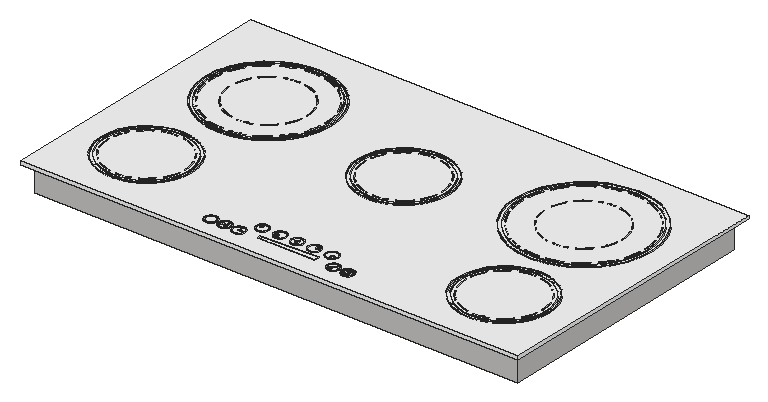
Revit family "QF_Summit_CR5B36TXW_5-Burner Radiant Cooktop", category Specialty Equipment, Revit 2020 (continued)
Forms (in)
  Extrusion 2, solid, material "QF_Plastic_White_Smooth"
    sketch origin (-1.19104, -180, 1.88) x (-1, 0, 0) y (0, -1, 0)
      loop
        line (-34.29842, -171.95371) -> (-34.32775, -171.94291)
        arc (-34.32775, -171.94291) -> (-34.4786, -172.44171) -> (-34.56954, -172.95482) r 4.40804
        line (-34.56954, -172.95482) -> (-34.5385, -172.95844)
        arc (-34.5385, -172.95844) -> (-34.44821, -172.44897) -> (-34.29842, -171.95371) r 4.37679
      loop
        line (-34.14463, -171.51637) -> (-34.1166, -171.53019)
        arc (-34.1166, -171.53019) -> (-33.85007, -171.0642) -> (-33.5285, -170.63435) r 4.37679
        line (-33.5285, -170.63435) -> (-33.55067, -170.61218)
        arc (-33.55067, -170.61218) -> (-33.87549, -171.04598) -> (-34.14463, -171.51637) r 4.40804
      loop
        line (-33.22787, -170.27088) -> (-33.20577, -170.29298)
        arc (-33.20577, -170.29298) -> (-32.80673, -169.9568) -> (-32.37053, -169.67049) r 4.37679
        line (-32.37053, -169.67049) -> (-32.38609, -169.64339)
        arc (-32.38609, -169.64339) -> (-32.82573, -169.93198) -> (-33.22787, -170.27088) r 4.40804
      loop
        line (-31.97301, -169.43426) -> (-31.96038, -169.46284)
        arc (-31.96038, -169.46284) -> (-31.46574, -169.27903) -> (-30.95258, -169.15608) r 4.37679
        line (-30.95258, -169.15608) -> (-30.95802, -169.12531)
        arc (-30.95802, -169.12531) -> (-31.47484, -169.24914) -> (-31.97301, -169.43426) r 4.40804
      loop
        line (-30.51017, -169.06966) -> (-30.51017, -169.101)
        arc (-30.51017, -169.101) -> (-29.96866, -169.09503) -> (-29.43056, -169.15597) r 4.37679
        line (-29.43056, -169.15597) -> (-29.42512, -169.1252)
        arc (-29.42512, -169.1252) -> (-29.96593, -169.06387) -> (-30.51017, -169.06966) r 4.40804
      loop
        line (-28.98266, -169.22703) -> (-28.99123, -169.25709)
        arc (-28.99123, -169.25709) -> (-28.49497, -169.43144) -> (-28.02322, -169.66406) r 4.37679
        line (-28.02322, -169.66406) -> (-28.00774, -169.63691)
        arc (-28.00774, -169.63691) -> (-28.48286, -169.40263) -> (-28.98266, -169.22703) r 4.40804
      loop
        line (-27.61659, -169.88817) -> (-27.63484, -169.91354)
        arc (-27.63484, -169.91354) -> (-27.21679, -170.25541) -> (-26.84402, -170.64617) r 4.37679
        line (-26.84402, -170.64617) -> (-26.82184, -170.62399)
        arc (-26.82184, -170.62399) -> (-27.19653, -170.23158) -> (-27.61659, -169.88817) r 4.40804
      loop
        line (-26.07387, -171.98176) -> (-26.04447, -171.97116)
        arc (-26.04447, -171.97116) -> (-26.26009, -171.47198) -> (-26.53552, -171.00315) r 4.40804
        line (-26.53552, -171.00315) -> (-26.56143, -171.02061)
        arc (-26.56143, -171.02061) -> (-26.28795, -171.48612) -> (-26.07387, -171.98176) r 4.37679
      loop
        line (-27.84942, -174.84724) -> (-27.8225, -174.86311)
        arc (-27.8225, -174.86311) -> (-27.61447, -174.42672) -> (-27.48608, -173.96065) r 2.75
        line (-27.48608, -173.96065) -> (-27.51682, -173.95503)
        arc (-27.51682, -173.95503) -> (-27.64376, -174.41581) -> (-27.84942, -174.84724) r 2.71875
      loop
        line (-27.4778, -173.29661) -> (-27.44649, -173.29661)
        arc (-27.44649, -173.29661) -> (-27.49762, -172.91224) -> (-27.6023, -172.53889) r 2.75
        line (-27.6023, -172.53889) -> (-27.63172, -172.54942)
        arc (-27.63172, -172.54942) -> (-27.52842, -172.91759) -> (-27.4778, -173.29661) r 2.71875
      loop
        line (-28.43483, -171.35015) -> (-28.45479, -171.37419)
        arc (-28.45479, -171.37419) -> (-28.10347, -171.72467) -> (-27.82171, -172.13316) r 2.71875
        line (-27.82171, -172.13316) -> (-27.79448, -172.11784)
        arc (-27.79448, -172.11784) -> (-28.07948, -171.70465) -> (-28.43483, -171.35015) r 2.75
      loop
        line (-29.71864, -170.75707) -> (-29.72401, -170.78785)
        arc (-29.72401, -170.78785) -> (-29.24876, -170.91599) -> (-28.80441, -171.12772) r 2.71875
        line (-28.80441, -171.12772) -> (-28.78847, -171.10084)
        arc (-28.78847, -171.10084) -> (-29.23793, -170.88668) -> (-29.71864, -170.75707) r 2.75
      loop
        line (-31.13091, -170.88167) -> (-31.12024, -170.91104)
        arc (-31.12024, -170.91104) -> (-30.65344, -170.78698) -> (-30.17205, -170.74747) r 2.71875
        line (-30.17205, -170.74747) -> (-30.17205, -170.71622)
        arc (-30.17205, -170.71622) -> (-30.65886, -170.7562) -> (-31.13091, -170.88167) r 2.75
      loop
        line (-32.29968, -171.70063) -> (-32.27749, -171.72282)
        arc (-32.27749, -171.72282) -> (-31.93612, -171.3812) -> (-31.53969, -171.10537) r 2.71875
        line (-31.53969, -171.10537) -> (-31.55519, -171.07823)
        arc (-31.55519, -171.07823) -> (-31.95511, -171.35633) -> (-32.29968, -171.70063) r 2.75
      loop
        line (-32.90442, -173.01756) -> (-32.87359, -173.02266)
        arc (-32.87359, -173.02266) -> (-32.74865, -172.54348) -> (-32.53888, -172.09492) r 2.71875
        line (-32.53888, -172.09492) -> (-32.56586, -172.07916)
        arc (-32.56586, -172.07916) -> (-32.77805, -172.53288) -> (-32.90442, -173.01756) r 2.75
      loop
        line (-32.76418, -174.43702) -> (-32.73494, -174.42599)
        arc (-32.73494, -174.42599) -> (-32.86588, -173.95399) -> (-32.91001, -173.46615) r 2.71875
        line (-32.91001, -173.46615) -> (-32.94126, -173.46615)
        arc (-32.94126, -173.46615) -> (-32.89662, -173.95959) -> (-32.76418, -174.43702) r 2.75
      loop
        line (-31.91687, -175.60736) -> (-31.89726, -175.58302)
        arc (-31.89726, -175.58302) -> (-32.26827, -175.22046) -> (-32.56367, -174.79404) r 2.71875
        line (-32.56367, -174.79404) -> (-32.59093, -174.8093)
        arc (-32.59093, -174.8093) -> (-32.29214, -175.24063) -> (-31.91687, -175.60736) r 2.75
      loop
        line (-30.64157, -176.17903) -> (-30.63645, -176.1482)
        arc (-30.63645, -176.1482) -> (-31.11903, -176.0217) -> (-31.57036, -175.80916) r 2.71875
        line (-31.57036, -175.80916) -> (-31.58621, -175.83609)
        arc (-31.58621, -175.83609) -> (-31.12969, -176.05108) -> (-30.64157, -176.17903) r 2.75
      loop
        line (-30.2544, -176.18417) -> (-30.2544, -176.21543)
        arc (-30.2544, -176.21543) -> (-29.734, -176.17787) -> (-29.23006, -176.0427) r 2.75
        line (-29.23006, -176.0427) -> (-29.24098, -176.01342)
        arc (-29.24098, -176.01342) -> (-29.73955, -176.14712) -> (-30.2544, -176.18417) r 2.71875
      loop
        line (-28.84114, -175.82598) -> (-28.82562, -175.85311)
        arc (-28.82562, -175.85311) -> (-28.41873, -175.56869) -> (-28.06961, -175.21576) r 2.75
        line (-28.06961, -175.21576) -> (-28.09372, -175.19587)
        arc (-28.09372, -175.19587) -> (-28.43887, -175.5448) -> (-28.84114, -175.82598) r 2.71875
      loop
        circle (-31.68887, -164.48395) r 3.25
      loop
        circle (-31.68887, -164.48395) r 3.1875
      loop
        circle (-31.68887, -164.48395) r 3.01918
      loop
        circle (-31.68887, -164.48395) r 2.98793
      loop
        line (-33.45979, -166.62178) -> (-33.43759, -166.59958)
        arc (-33.43759, -166.59958) -> (-33.7956, -166.24339) -> (-34.08229, -165.82764) r 2.7448
        line (-34.08229, -165.82764) -> (-34.10954, -165.84294)
        arc (-34.10954, -165.84294) -> (-33.82054, -166.26228) -> (-33.45979, -166.62178) r 2.77605
      loop
        line (-34.3044, -165.41426) -> (-34.27495, -165.40379)
        arc (-34.27495, -165.40379) -> (-34.3954, -164.9407) -> (-34.4336, -164.46374) r 2.7448
        line (-34.4336, -164.46374) -> (-34.46485, -164.46374)
        arc (-34.46485, -164.46374) -> (-34.4262, -164.94602) -> (-34.3044, -165.41426) r 2.77605
      loop
        line (-34.4247, -164.01308) -> (-34.3939, -164.01838)
        arc (-34.3939, -164.01838) -> (-34.26734, -163.54298) -> (-34.05795, -163.0978) r 2.7448
        line (-34.05795, -163.0978) -> (-34.08492, -163.08202)
        arc (-34.08492, -163.08202) -> (-34.29669, -163.53226) -> (-34.4247, -164.01308) r 2.77605
      loop
        line (-33.81692, -162.70129) -> (-33.79473, -162.72347)
        arc (-33.79473, -162.72347) -> (-33.45702, -162.38453) -> (-33.06559, -162.10938) r 2.7448
        line (-33.06559, -162.10938) -> (-33.08126, -162.08235)
        arc (-33.08126, -162.08235) -> (-33.47609, -162.35973) -> (-33.81692, -162.70129) r 2.77605
      loop
        line (-32.65426, -161.88117) -> (-32.64339, -161.91047)
        arc (-32.64339, -161.91047) -> (-32.17903, -161.78327) -> (-31.69958, -161.73917) r 2.7448
        line (-31.69958, -161.73917) -> (-31.69958, -161.70792)
        arc (-31.69958, -161.70792) -> (-32.18455, -161.75251) -> (-32.65426, -161.88117) r 2.77605
      loop
        line (-31.26531, -161.7404) -> (-31.27007, -161.77129)
        arc (-31.27007, -161.77129) -> (-30.75927, -161.90136) -> (-30.28276, -162.12667) r 2.7448
        line (-30.28276, -162.12667) -> (-30.26675, -162.09983)
        arc (-30.26675, -162.09983) -> (-30.74869, -161.87195) -> (-31.26531, -161.7404) r 2.77605
      loop
        line (-29.9236, -162.34145) -> (-29.9458, -162.36365)
        arc (-29.9458, -162.36365) -> (-29.5836, -162.72277) -> (-29.29409, -163.14269) r 2.7448
        line (-29.29409, -163.14269) -> (-29.26682, -163.12742)
        arc (-29.26682, -163.12742) -> (-29.55865, -162.70389) -> (-29.9236, -162.34145) r 2.77605
      loop
        line (-29.08193, -163.52983) -> (-29.11128, -163.54057)
        arc (-29.11128, -163.54057) -> (-28.98314, -164.02247) -> (-28.9443, -164.51959) r 2.7448
        line (-28.9443, -164.51959) -> (-28.91304, -164.51959)
        arc (-28.91304, -164.51959) -> (-28.95237, -164.01701) -> (-29.08193, -163.52983) r 2.77605
      loop
        line (-28.95269, -164.95278) -> (-28.98349, -164.9475)
        arc (-28.98349, -164.9475) -> (-29.11133, -165.42749) -> (-29.32359, -165.87657) r 2.7448
        line (-29.32359, -165.87657) -> (-29.29666, -165.89243)
        arc (-29.29666, -165.89243) -> (-29.08199, -165.43823) -> (-28.95269, -164.95278) r 2.77605
      loop
        line (-29.553, -166.25724) -> (-29.57705, -166.23728)
        arc (-29.57705, -166.23728) -> (-29.91323, -166.57705) -> (-30.30327, -166.85335) r 2.7448
        line (-30.30327, -166.85335) -> (-30.28749, -166.88033)
        arc (-30.28749, -166.88033) -> (-29.89302, -166.60088) -> (-29.553, -166.25724) r 2.77605
      loop
        line (-30.72993, -167.08912) -> (-30.74072, -167.05979)
        arc (-30.74072, -167.05979) -> (-31.22208, -167.18877) -> (-31.71881, -167.22859) r 2.7448
        line (-31.71881, -167.22859) -> (-31.71881, -167.25984)
        arc (-31.71881, -167.25984) -> (-31.21659, -167.21954) -> (-30.72993, -167.08912) r 2.77605
      loop
        line (-32.18967, -167.21446) -> (-32.18403, -167.18372)
        arc (-32.18403, -167.18372) -> (-32.64659, -167.05625) -> (-33.07988, -166.85018) r 2.7448
        line (-33.07988, -166.85018) -> (-33.09571, -166.87712)
        arc (-33.09571, -166.87712) -> (-32.65749, -167.08554) -> (-32.18967, -167.21446) r 2.77605
    from 0 to 0.25
  Extrusion 3, solid, material "QF_Metal_Stainless_Polished"
    sketch origin (-2.73972, -180, 0) x (0, -1, 0) y (-1, 0, 0)
      loop
        line (-160.1875, -3.30222) -> (-179.3125, -3.30222) -> (-179.3125, -37.67722) -> (-160.1875, -37.67722) -> (-160.1875, -3.30222)
    from 0 to -0.0625
  Extrusion 4, solid, material "QF_Metal_Stainless_Polished"
    sketch origin (-10.25014, 0, 0) x (1, 0, 0) y (0, 1, 0)
      loop
        circle (28.00014, -0.98525) r 0.125
    from 0 to -1
  Extrusion 5, solid, material "QF_Metal_Stainless_Polished"
    sketch origin (-2.73972, -180, -0.12) x (-1, 0, 0) y (0, -1, 0)
      loop
        line (-3.23972, -179.375) -> (-3.23972, -160.125) -> (-37.73972, -160.125) -> (-37.73972, -179.375) -> (-3.23972, -179.375)
      loop
        line (-3.30222, -160.1875) -> (-37.67722, -160.1875) -> (-37.67722, -179.3125) -> (-3.30222, -179.3125) -> (-3.30222, -160.1875)
    from 0.12 to 2
  Extrusion 6, solid, material "QF_Plastic_White_Smooth"
    sketch origin (1.30896, -180, 1.88) x (-1, 0, 0) y (0, -1, 0)
      loop
        circle (-13.95721, -161.9833) r 0.42869
      loop
        circle (-13.95721, -161.9833) r 0.39744
      loop
        circle (-13.79616, -162.14539) r 0.13534
      loop
        circle (-15.06049, -161.82122) r 0.13534
      loop
        circle (-15.22154, -161.9833) r 0.39744
      loop
        circle (-15.22154, -161.9833) r 0.42869
      loop
        circle (-16.44104, -161.9833) r 0.42869
      loop
        circle (-16.44104, -161.9833) r 0.39744
      loop
        circle (-16.44104, -161.9833) r 0.13534
      loop
        circle (-17.66053, -161.9833) r 0.42869
      loop
        circle (-17.66053, -161.9833) r 0.39744
      loop
        circle (-17.82159, -162.14539) r 0.13534
      loop
        circle (-18.92486, -161.9833) r 0.42869
      loop
        circle (-18.92486, -161.9833) r 0.39744
      loop
        circle (-19.08592, -161.82122) r 0.13534
      loop
        circle (-11.08853, -160.98371) r 0.42869
      loop
        circle (-11.08853, -160.98371) r 0.36619
      loop
        circle (-12.08853, -160.98371) r 0.42869
      loop
        circle (-12.08853, -160.98371) r 0.39744
      loop
        line (-11.85436, -161.13767) -> (-11.85436, -160.86031) -> (-12.10455, -160.99899) -> (-11.85436, -161.13767)
      loop
        line (-12.13068, -160.81214) -> (-12.25929, -160.81214) -> (-12.25929, -161.18585) -> (-12.13068, -161.18585) -> (-12.13068, -160.81214)
      loop
        circle (-13.08271, -160.98371) r 0.42869
      loop
        circle (-13.08271, -160.98371) r 0.39744
      loop
        line (-13.03142, -160.93163) -> (-13.41011, -160.9984) -> (-13.10095, -161.02545) -> (-13.06514, -161.31706) -> (-13.03142, -160.93163)
      loop
        line (-18.48473, -160.96725) -> (-18.48473, -161.38465) -> (-14.45404, -161.18247) -> (-14.45404, -160.96725) -> (-18.48473, -160.96725)
      loop
        circle (-19.82362, -160.98371) r 0.42869
      loop
        circle (-19.82362, -160.98371) r 0.39744
      loop
        line (-19.58326, -160.78859) -> (-19.62729, -160.74456) -> (-19.98911, -161.10638)
        arc (-19.98911, -161.10638) -> (-20.06415, -161.22545) -> (-19.94508, -161.15041) r 0.07216
        line (-19.94508, -161.15041) -> (-19.58326, -160.78859)
      loop
        circle (-20.84679, -160.98371) r 0.42869
      loop
        circle (-20.84679, -160.98371) r 0.36619
      loop
        line (-20.89244, -161.2295) -> (-20.89244, -161.31685) -> (-20.80114, -161.31685) -> (-20.80114, -161.2295)
        arc (-20.80114, -161.2295) -> (-20.84679, -160.73371) -> (-20.89244, -161.2295) r 0.25
      loop
        arc (-20.80114, -161.16556) -> (-20.84679, -160.79621) -> (-20.89244, -161.16556) r 0.1875
        line (-20.89244, -161.16556) -> (-20.89244, -161.03933) -> (-20.80114, -161.03933) -> (-20.80114, -161.16556)
    from 0 to 0.25
Lines and regions (in)
  symbolic lines
    curve 1: line (0, 0, 0) -> (0, -20.5, 0)
    curve 2: line (0, -20.5, 0) -> (35.5, -20.5, 0)
    curve 3: line (35.5, -20.5, 0) -> (35.5, 0, 0)
    curve 4: line (35.5, 0, 0) -> (0, 0, 0)
    curve 5: arc (11.01626, -6.53385, 0) -> (6.51626, -2.03385, 0) -> (2.01626, -6.53385, 0) r 4.5
    curve 6: arc (2.01626, -6.53385, 0) -> (6.51626, -11.03385, 0) -> (11.01626, -6.53385, 0) r 4.5
    curve 7: arc (2.07876, -6.53385, 0) -> (6.51626, -2.09635, 0) -> (10.95376, -6.53385, 0) r 4.4375
    curve 8: arc (10.95376, -6.53385, 0) -> (6.51626, -10.97135, 0) -> (2.07876, -6.53385, 0) r 4.4375
    curve 9: arc (10.76626, -6.53385, 0) -> (6.51626, -2.28385, 0) -> (2.26626, -6.53385, 0) r 4.25
    curve 10: arc (2.26626, -6.53385, 0) -> (6.51626, -10.78385, 0) -> (10.76626, -6.53385, 0) r 4.25
    curve 11: arc (2.29751, -6.53385, 0) -> (6.51626, -2.3151, 0) -> (10.73501, -6.53385, 0) r 4.21875
    curve 12: arc (10.73501, -6.53385, 0) -> (6.51626, -10.7526, 0) -> (2.29751, -6.53385, 0) r 4.21875
    curve 13: arc (2.53772, -5.72825, 0) -> (2.46648, -6.25623, 0) -> (2.465, -6.789, 0) r 4.05928
    curve 14: line (2.465, -6.789, 0) -> (2.49632, -6.789, 0)
    curve 15: arc (2.49632, -6.789, 0) -> (2.49759, -6.25935, 0) -> (2.56835, -5.73445, 0) r 4.02803
    curve 16: line (2.56835, -5.73445, 0) -> (2.53772, -5.72825, 0)
    curve 17: arc (3.08784, -4.36044, 0) -> (2.84084, -4.81075, 0) -> (2.65268, -5.28863, 0) r 4.05928
    curve 18: line (2.65268, -5.28863, 0) -> (2.68243, -5.29822, 0)
    curve 19: arc (2.68243, -5.29822, 0) -> (2.86914, -4.82401, 0) -> (3.11423, -4.37718, 0) r 4.02803
    curve 20: line (3.11423, -4.37718, 0) -> (3.08784, -4.36044, 0)
    curve 21: arc (4.10168, -3.27079, 0) -> (3.7, -3.61042, 0) -> (3.34562, -3.99913, 0) r 4.05928
    curve 22: line (3.34562, -3.99913, 0) -> (3.37003, -4.01864, 0)
    curve 23: arc (3.37003, -4.01864, 0) -> (3.72168, -3.63292, 0) -> (4.12026, -3.29591, 0) r 4.02803
    curve 24: line (4.12026, -3.29591, 0) -> (4.10168, -3.27079, 0)
    curve 25: arc (5.42585, -2.62376, 0) -> (4.95181, -2.78815, 0) -> (4.50167, -3.00976, 0) r 4.05928
    curve 26: line (4.50167, -3.00976, 0) -> (4.51718, -3.03689, 0)
    curve 27: arc (4.51718, -3.03689, 0) -> (4.96385, -2.81698, 0) -> (5.43424, -2.65386, 0) r 4.02803
    curve 28: line (5.43424, -2.65386, 0) -> (5.42585, -2.62376, 0)
    curve 29: arc (6.95951, -2.49884, 0) -> (6.42983, -2.47549, 0) -> (5.90163, -2.52137, 0) r 4.05928
    curve 30: line (5.90163, -2.52137, 0) -> (5.90636, -2.55226, 0)
    curve 31: arc (5.90636, -2.55226, 0) -> (6.4305, -2.50673, 0) -> (6.95609, -2.5299, 0) r 4.02803
    curve 32: line (6.95609, -2.5299, 0) -> (6.95951, -2.49884, 0)
    curve 33: arc (8.37739, -2.92636, 0) -> (7.88818, -2.71343, 0) -> (7.37527, -2.5665, 0) r 4.05928
    curve 34: line (7.37527, -2.5665, 0) -> (7.36866, -2.59704, 0)
    curve 35: arc (7.36866, -2.59704, 0) -> (7.87762, -2.74284, 0) -> (8.36306, -2.95414, 0) r 4.02803
    curve 36: line (8.36306, -2.95414, 0) -> (8.37739, -2.92636, 0)
    curve 37: arc (8.76572, -3.19245, 0) -> (9.14951, -3.48573, 0) -> (9.49543, -3.82284, 0) r 4.02803
    curve 38: line (9.49543, -3.82284, 0) -> (9.51755, -3.80072, 0)
    curve 39: arc (9.51755, -3.80072, 0) -> (9.16938, -3.4616, 0) -> (8.78317, -3.16653, 0) r 4.05928
    curve 40: line (8.78317, -3.16653, 0) -> (8.76572, -3.19245, 0)
    curve 41: arc (9.78929, -4.18602, 0) -> (10.06221, -4.62302, 0) -> (10.27711, -5.09129, 0) r 4.02803
    curve 42: line (10.27711, -5.09129, 0) -> (10.30629, -5.0801, 0)
    curve 43: arc (10.30629, -5.0801, 0) -> (10.08972, -4.6082, 0) -> (9.81468, -4.16781, 0) r 4.05928
    curve 44: line (9.81468, -4.16781, 0) -> (9.78929, -4.18602, 0)
    curve 45: arc (10.4182, -5.53391, 0) -> (10.51264, -6.02992, 0) -> (10.54428, -6.53385, 0) r 4.02803
    curve 46: line (10.54428, -6.53385, 0) -> (10.57553, -6.53385, 0)
    curve 47: arc (10.57553, -6.53385, 0) -> (10.54364, -6.02601, 0) -> (10.44847, -5.52616, 0) r 4.05928
    curve 48: line (10.44847, -5.52616, 0) -> (10.4182, -5.53391, 0)
    curve 49: arc (10.51925, -6.98227, 0) -> (10.42794, -7.49495, 0) -> (10.27127, -7.99156, 0) r 4.02803
    curve 50: line (10.27127, -7.99156, 0) -> (10.3004, -8.00287, 0)
    curve 51: arc (10.3004, -8.00287, 0) -> (10.45829, -7.5024, 0) -> (10.5503, -6.98575, 0) r 4.05928
    curve 52: line (10.5503, -6.98575, 0) -> (10.51925, -6.98227, 0)
    curve 53: arc (9.51376, -9.27113, 0) -> (9.83283, -8.87438, 0) -> (10.09972, -8.44081, 0) r 4.05928
    curve 54: line (10.09972, -8.44081, 0) -> (10.07214, -8.42613, 0)
    curve 55: arc (10.07214, -8.42613, 0) -> (9.80771, -8.85578, 0) -> (9.49164, -9.24901, 0) r 4.02803
    curve 56: line (9.49164, -9.24901, 0) -> (9.51376, -9.27113, 0)
    curve 57: arc (8.33296, -10.16391, 0) -> (8.77459, -9.90693, 0) -> (9.18044, -9.59651, 0) r 4.05928
    curve 58: line (9.18044, -9.59651, 0) -> (9.15829, -9.57435, 0)
    curve 59: arc (9.15829, -9.57435, 0) -> (8.7563, -9.88156, 0) -> (8.31898, -10.13596, 0) r 4.02803
    curve 60: line (8.31898, -10.13596, 0) -> (8.33296, -10.16391, 0)
    curve 61: arc (6.89055, -10.57583, 0) -> (7.42845, -10.4893, 0) -> (7.94992, -10.33153, 0) r 4.05928
    curve 62: line (7.94992, -10.33153, 0) -> (7.93888, -10.30229, 0)
    curve 63: arc (7.93888, -10.30229, 0) -> (7.42143, -10.45885, 0) -> (6.88767, -10.54472, 0) r 4.02803
    curve 64: line (6.88767, -10.54472, 0) -> (6.89055, -10.57583, 0)
    curve 65: arc (5.39894, -10.43633, 0) -> (5.92814, -10.5503, 0) -> (6.46781, -10.59284, 0) r 4.05928
    curve 66: line (6.46781, -10.59284, 0) -> (6.46781, -10.56159, 0)
    curve 67: arc (6.46781, -10.56159, 0) -> (5.93249, -10.51935, 0) -> (5.40754, -10.40628, 0) r 4.02803
    curve 68: line (5.40754, -10.40628, 0) -> (5.39894, -10.43633, 0)
    curve 69: arc (4.08209, -9.78232, 0) -> (4.52297, -10.07003, 0) -> (4.99737, -10.29825, 0) r 4.05928
    curve 70: line (4.99737, -10.29825, 0) -> (5.00906, -10.26927, 0)
    curve 71: arc (5.00906, -10.26927, 0) -> (4.53831, -10.0428, 0) -> (4.10083, -9.75732, 0) r 4.02803
    curve 72: line (4.10083, -9.75732, 0) -> (4.08209, -9.78232, 0)
    curve 73: arc (3.0625, -8.66675, 0) -> (3.36332, -9.09055, 0) -> (3.71582, -9.47244, 0) r 4.05928
    curve 74: line (3.71582, -9.47244, 0) -> (3.73793, -9.45034, 0)
    curve 75: arc (3.73793, -9.45034, 0) -> (3.38783, -9.07116, 0) -> (3.08908, -8.65033, 0) r 4.02803
    curve 76: line (3.08908, -8.65033, 0) -> (3.0625, -8.66675, 0)
    curve 77: arc (2.52716, -7.28543, 0) -> (2.6538, -7.78252, 0) -> (2.84212, -8.25968, 0) r 4.05928
    curve 78: line (2.84212, -8.25968, 0) -> (2.87041, -8.24639, 0)
    curve 79: arc (2.87041, -8.24639, 0) -> (2.68354, -7.77291, 0) -> (2.55787, -7.27964, 0) r 4.02803
    curve 80: line (2.55787, -7.27964, 0) -> (2.52716, -7.28543, 0)
    curve 81: arc (4.1475, -5.13689, 0) -> (3.93947, -5.57328, 0) -> (3.81108, -6.03935, 0) r 2.75
    curve 82: line (3.81108, -6.03935, 0) -> (3.84182, -6.04497, 0)
    curve 83: arc (3.84182, -6.04497, 0) -> (3.96876, -5.58419, 0) -> (4.17442, -5.15276, 0) r 2.71875
    curve 84: line (4.17442, -5.15276, 0) -> (4.1475, -5.13689, 0)
    curve 85: arc (5.15062, -4.14689, 0) -> (4.74373, -4.43131, 0) -> (4.39461, -4.78424, 0) r 2.75
    curve 86: line (4.39461, -4.78424, 0) -> (4.41872, -4.80413, 0)
    curve 87: arc (4.41872, -4.80413, 0) -> (4.76388, -4.4552, 0) -> (5.16614, -4.17402, 0) r 2.71875
    curve 88: line (5.16614, -4.17402, 0) -> (5.15062, -4.14689, 0)
    curve 89: arc (5.56598, -3.98658, 0) -> (6.06455, -3.85288, 0) -> (6.5794, -3.81583, 0) r 2.71875
    curve 90: line (6.5794, -3.81583, 0) -> (6.5794, -3.78457, 0)
    curve 91: arc (6.5794, -3.78457, 0) -> (6.059, -3.82213, 0) -> (5.55506, -3.9573, 0) r 2.75
    curve 92: line (5.55506, -3.9573, 0) -> (5.56598, -3.98658, 0)
    curve 93: arc (6.96145, -3.8518, 0) -> (7.44403, -3.9783, 0) -> (7.89536, -4.19084, 0) r 2.71875
    curve 94: line (7.89536, -4.19084, 0) -> (7.91121, -4.16391, 0)
    curve 95: arc (7.91121, -4.16391, 0) -> (7.45469, -3.94892, 0) -> (6.96657, -3.82097, 0) r 2.75
    curve 96: line (6.96657, -3.82097, 0) -> (6.96145, -3.8518, 0)
    curve 97: arc (8.22226, -4.41698, 0) -> (8.59327, -4.77954, 0) -> (8.88867, -5.20596, 0) r 2.71875
    curve 98: line (8.88867, -5.20596, 0) -> (8.91593, -5.1907, 0)
    curve 99: arc (8.91593, -5.1907, 0) -> (8.61715, -4.75937, 0) -> (8.24187, -4.39264, 0) r 2.75
    curve 100: line (8.24187, -4.39264, 0) -> (8.22226, -4.41698, 0)
    curve 101: arc (9.05994, -5.57401, 0) -> (9.19088, -6.04601, 0) -> (9.23501, -6.53385, 0) r 2.71875
    curve 102: line (9.23501, -6.53385, 0) -> (9.26626, -6.53385, 0)
    curve 103: arc (9.26626, -6.53385, 0) -> (9.22162, -6.04041, 0) -> (9.08918, -5.56298, 0) r 2.75
    curve 104: line (9.08918, -5.56298, 0) -> (9.05994, -5.57401, 0)
    curve 105: arc (8.89086, -7.92084, 0) -> (9.10305, -7.46712, 0) -> (9.22942, -6.98244, 0) r 2.75
    curve 106: line (9.22942, -6.98244, 0) -> (9.19859, -6.97734, 0)
    curve 107: arc (9.19859, -6.97734, 0) -> (9.07365, -7.45652, 0) -> (8.86388, -7.90508, 0) r 2.71875
    curve 108: line (8.86388, -7.90508, 0) -> (8.89086, -7.92084, 0)
    curve 109: arc (7.88019, -8.92177, 0) -> (8.28011, -8.64367, 0) -> (8.62468, -8.29937, 0) r 2.75
    curve 110: line (8.62468, -8.29937, 0) -> (8.60249, -8.27718, 0)
    curve 111: arc (8.60249, -8.27718, 0) -> (8.26112, -8.6188, 0) -> (7.86469, -8.89463, 0) r 2.71875
    curve 112: line (7.86469, -8.89463, 0) -> (7.88019, -8.92177, 0)
    curve 113: arc (6.49705, -9.28378, 0) -> (6.98386, -9.2438, 0) -> (7.45592, -9.11833, 0) r 2.75
    curve 114: line (7.45592, -9.11833, 0) -> (7.44524, -9.08896, 0)
    curve 115: arc (7.44524, -9.08896, 0) -> (6.97844, -9.21302, 0) -> (6.49705, -9.25253, 0) r 2.71875
    curve 116: line (6.49705, -9.25253, 0) -> (6.49705, -9.28378, 0)
    curve 117: arc (5.11347, -8.89916, 0) -> (5.56293, -9.11332, 0) -> (6.04364, -9.24293, 0) r 2.75
    curve 118: line (6.04364, -9.24293, 0) -> (6.04901, -9.21215, 0)
    curve 119: arc (6.04901, -9.21215, 0) -> (5.57376, -9.08401, 0) -> (5.12941, -8.87228, 0) r 2.71875
    curve 120: line (5.12941, -8.87228, 0) -> (5.11347, -8.89916, 0)
    curve 121: arc (4.11948, -7.88216, 0) -> (4.40448, -8.29535, 0) -> (4.75983, -8.64985, 0) r 2.75
    curve 122: line (4.75983, -8.64985, 0) -> (4.77979, -8.62581, 0)
    curve 123: arc (4.77979, -8.62581, 0) -> (4.42847, -8.27533, 0) -> (4.14671, -7.86684, 0) r 2.71875
    curve 124: line (4.14671, -7.86684, 0) -> (4.11948, -7.88216, 0)
    curve 125: arc (3.77149, -6.70339, 0) -> (3.82262, -7.08776, 0) -> (3.9273, -7.46111, 0) r 2.75
    curve 126: line (3.9273, -7.46111, 0) -> (3.95672, -7.45058, 0)
    curve 127: arc (3.95672, -7.45058, 0) -> (3.85342, -7.08241, 0) -> (3.8028, -6.70339, 0) r 2.71875
    curve 128: line (3.8028, -6.70339, 0) -> (3.77149, -6.70339, 0)
    curve 129: arc (8.2563, -15.51605, 0) -> (5.0063, -12.26605, 0) -> (1.7563, -15.51605, 0) r 3.25
    curve 130: arc (1.7563, -15.51605, 0) -> (5.0063, -18.76605, 0) -> (8.2563, -15.51605, 0) r 3.25
    curve 131: arc (1.8188, -15.51605, 0) -> (5.0063, -12.32855, 0) -> (8.1938, -15.51605, 0) r 3.1875
    curve 132: arc (8.1938, -15.51605, 0) -> (5.0063, -18.70355, 0) -> (1.8188, -15.51605, 0) r 3.1875
    curve 133: arc (8.02548, -15.51605, 0) -> (5.0063, -12.49687, 0) -> (1.98712, -15.51605, 0) r 3.01918
    curve 134: arc (1.98712, -15.51605, 0) -> (5.0063, -18.53523, 0) -> (8.02548, -15.51605, 0) r 3.01918
    curve 135: arc (2.01837, -15.51605, 0) -> (5.0063, -12.52812, 0) -> (7.99423, -15.51605, 0) r 2.98793
    curve 136: arc (7.99423, -15.51605, 0) -> (5.0063, -18.50398, 0) -> (2.01837, -15.51605, 0) r 2.98793
    curve 137: arc (2.61409, -14.10757, 0) -> (2.39942, -14.56177, 0) -> (2.27012, -15.04722, 0) r 2.77605
    curve 138: line (2.27012, -15.04722, 0) -> (2.30092, -15.0525, 0)
    curve 139: arc (2.30092, -15.0525, 0) -> (2.42876, -14.57251, 0) -> (2.64102, -14.12343, 0) r 2.7448
    curve 140: line (2.64102, -14.12343, 0) -> (2.61409, -14.10757, 0)
    curve 141: arc (2.23047, -15.48041, 0) -> (2.2698, -15.98299, 0) -> (2.39936, -16.47017, 0) r 2.77605
    curve 142: line (2.39936, -16.47017, 0) -> (2.42871, -16.45943, 0)
    curve 143: arc (2.42871, -16.45943, 0) -> (2.30057, -15.97753, 0) -> (2.26173, -15.48041, 0) r 2.7448
    curve 144: line (2.26173, -15.48041, 0) -> (2.23047, -15.48041, 0)
    curve 145: arc (2.58425, -16.87258, 0) -> (2.87608, -17.29611, 0) -> (3.24103, -17.65855, 0) r 2.77605
    curve 146: line (3.24103, -17.65855, 0) -> (3.26323, -17.63635, 0)
    curve 147: arc (3.26323, -17.63635, 0) -> (2.90103, -17.27723, 0) -> (2.61152, -16.85731, 0) r 2.7448
    curve 148: line (2.61152, -16.85731, 0) -> (2.58425, -16.87258, 0)
    curve 149: arc (3.58418, -17.90017, 0) -> (4.06612, -18.12805, 0) -> (4.58274, -18.2596, 0) r 2.77605
    curve 150: line (4.58274, -18.2596, 0) -> (4.5875, -18.22871, 0)
    curve 151: arc (4.5875, -18.22871, 0) -> (4.0767, -18.09864, 0) -> (3.60019, -17.87333, 0) r 2.7448
    curve 152: line (3.60019, -17.87333, 0) -> (3.58418, -17.90017, 0)
    curve 153: arc (5.01701, -18.29208, 0) -> (5.50198, -18.24749, 0) -> (5.97169, -18.11883, 0) r 2.77605
    curve 154: line (5.97169, -18.11883, 0) -> (5.96082, -18.08953, 0)
    curve 155: arc (5.96082, -18.08953, 0) -> (5.49646, -18.21673, 0) -> (5.01701, -18.26083, 0) r 2.7448
    curve 156: line (5.01701, -18.26083, 0) -> (5.01701, -18.29208, 0)
    curve 157: arc (6.39869, -17.91765, 0) -> (6.79352, -17.64027, 0) -> (7.13434, -17.29871, 0) r 2.77605
    curve 158: line (7.13434, -17.29871, 0) -> (7.11216, -17.27653, 0)
    curve 159: arc (7.11216, -17.27653, 0) -> (6.77445, -17.61547, 0) -> (6.38302, -17.89062, 0) r 2.7448
    curve 160: line (6.38302, -17.89062, 0) -> (6.39869, -17.91765, 0)
    curve 161: arc (7.40235, -16.91798, 0) -> (7.61412, -16.46774, 0) -> (7.74212, -15.98692, 0) r 2.77605
    curve 162: line (7.74212, -15.98692, 0) -> (7.71133, -15.98162, 0)
    curve 163: arc (7.71133, -15.98162, 0) -> (7.58477, -16.45702, 0) -> (7.37538, -16.9022, 0) r 2.7448
    curve 164: line (7.37538, -16.9022, 0) -> (7.40235, -16.91798, 0)
    curve 165: arc (7.78228, -15.53626, 0) -> (7.74363, -15.05398, 0) -> (7.62183, -14.58574, 0) r 2.77605
    curve 166: line (7.62183, -14.58574, 0) -> (7.59238, -14.59621, 0)
    curve 167: arc (7.59238, -14.59621, 0) -> (7.71283, -15.0593, 0) -> (7.75103, -15.53626, 0) r 2.7448
    curve 168: line (7.75103, -15.53626, 0) -> (7.78228, -15.53626, 0)
    curve 169: arc (7.42697, -14.15706, 0) -> (7.13796, -13.73772, 0) -> (6.77722, -13.37822, 0) r 2.77605
    curve 170: line (6.77722, -13.37822, 0) -> (6.75502, -13.40042, 0)
    curve 171: arc (6.75502, -13.40042, 0) -> (7.11303, -13.75661, 0) -> (7.39972, -14.17236, 0) r 2.7448
    curve 172: line (7.39972, -14.17236, 0) -> (7.42697, -14.15706, 0)
    curve 173: arc (6.41314, -13.12288, 0) -> (5.97492, -12.91446, 0) -> (5.5071, -12.78554, 0) r 2.77605
    curve 174: line (5.5071, -12.78554, 0) -> (5.50146, -12.81628, 0)
    curve 175: arc (5.50146, -12.81628, 0) -> (5.96402, -12.94375, 0) -> (6.39731, -13.14982, 0) r 2.7448
    curve 176: line (6.39731, -13.14982, 0) -> (6.41314, -13.12288, 0)
    curve 177: arc (5.03624, -12.74016, 0) -> (4.53402, -12.78046, 0) -> (4.04736, -12.91088, 0) r 2.77605
    curve 178: line (4.04736, -12.91088, 0) -> (4.05815, -12.94021, 0)
    curve 179: arc (4.05815, -12.94021, 0) -> (4.5395, -12.81123, 0) -> (5.03624, -12.77141, 0) r 2.7448
    curve 180: line (5.03624, -12.77141, 0) -> (5.03624, -12.74016, 0)
    curve 181: arc (3.60492, -13.11967, 0) -> (3.21045, -13.39912, 0) -> (2.87043, -13.74276, 0) r 2.77605
    curve 182: line (2.87043, -13.74276, 0) -> (2.89448, -13.76272, 0)
    curve 183: arc (2.89448, -13.76272, 0) -> (3.23066, -13.42295, 0) -> (3.6207, -13.14665, 0) r 2.7448
    curve 184: line (3.6207, -13.14665, 0) -> (3.60492, -13.11967, 0)
    curve 185: arc (33.87522, -6.53385, 0) -> (29.00022, -1.65885, 0) -> (24.12522, -6.53385, 0) r 4.875
    curve 186: arc (24.12522, -6.53385, 0) -> (29.00022, -11.40885, 0) -> (33.87522, -6.53385, 0) r 4.875
    curve 187: arc (24.18772, -6.53385, 0) -> (29.00022, -1.72135, 0) -> (33.81272, -6.53385, 0) r 4.8125
    curve 188: arc (33.81272, -6.53385, 0) -> (29.00022, -11.34635, 0) -> (24.18772, -6.53385, 0) r 4.8125
    curve 189: arc (33.60338, -6.53385, 0) -> (29.00022, -1.93068, 0) -> (24.39705, -6.53385, 0) r 4.60317
    curve 190: arc (24.39705, -6.53385, 0) -> (29.00022, -11.13701, 0) -> (33.60338, -6.53385, 0) r 4.60317
    curve 191: arc (24.4283, -6.53385, 0) -> (29.00022, -1.96193, 0) -> (33.57213, -6.53385, 0) r 4.57192
    curve 192: arc (33.57213, -6.53385, 0) -> (29.00022, -11.10576, 0) -> (24.4283, -6.53385, 0) r 4.57192
    curve 193: arc (24.59227, -6.5052, 0) -> (24.62292, -7.05357, 0) -> (24.72153, -7.59386, 0) r 4.40804
    curve 194: line (24.72153, -7.59386, 0) -> (24.75186, -7.58635, 0)
    curve 195: arc (24.75186, -7.58635, 0) -> (24.65394, -7.04978, 0) -> (24.62352, -6.5052, 0) r 4.37679
    curve 196: line (24.62352, -6.5052, 0) -> (24.59227, -6.5052, 0)
    curve 197: arc (24.87297, -4.98574, 0) -> (24.71407, -5.5044, 0) -> (24.62008, -6.03864, 0) r 4.40804
    curve 198: line (24.62008, -6.03864, 0) -> (24.65113, -6.04215, 0)
    curve 199: arc (24.65113, -6.04215, 0) -> (24.74446, -5.51169, 0) -> (24.90223, -4.99671, 0) r 4.37679
    curve 200: line (24.90223, -4.99671, 0) -> (24.87297, -4.98574, 0)
    curve 201: arc (25.63399, -3.68792, 0) -> (25.31494, -4.11527, 0) -> (25.04983, -4.57802, 0) r 4.40804
    curve 202: line (25.04983, -4.57802, 0) -> (25.07784, -4.59189, 0)
    curve 203: arc (25.07784, -4.59189, 0) -> (25.34106, -4.13242, 0) -> (25.65785, -3.7081, 0) r 4.37679
    curve 204: line (25.65785, -3.7081, 0) -> (25.63399, -3.68792, 0)
    curve 205: arc (26.79895, -2.71478, 0) -> (26.36313, -3.00163, 0) -> (25.96425, -3.33796, 0) r 4.40804
    curve 206: line (25.96425, -3.33796, 0) -> (25.98635, -3.36007, 0)
    curve 207: arc (25.98635, -3.36007, 0) -> (26.38214, -3.02643, 0) -> (26.81456, -2.74186, 0) r 4.37679
    curve 208: line (26.81456, -2.74186, 0) -> (26.79895, -2.71478, 0)
    curve 209: arc (27.23668, -2.49395, 0) -> (27.73916, -2.31004, 0) -> (28.26021, -2.18837, 0) r 4.40804
    curve 210: line (28.26021, -2.18837, 0) -> (28.26546, -2.21917, 0)
    curve 211: arc (28.26546, -2.21917, 0) -> (27.7481, -2.33998, 0) -> (27.24919, -2.52259, 0) r 4.37679
    curve 212: line (27.24919, -2.52259, 0) -> (27.23668, -2.49395, 0)
    curve 213: arc (29.78766, -2.19671, 0) -> (29.25938, -2.13343, 0) -> (28.72732, -2.13426, 0) r 4.40804
    curve 214: line (28.72732, -2.13426, 0) -> (28.72926, -2.16545, 0)
    curve 215: arc (28.72926, -2.16545, 0) -> (29.25754, -2.16463, 0) -> (29.78208, -2.22746, 0) r 4.37679
    curve 216: line (29.78208, -2.22746, 0) -> (29.78766, -2.19671, 0)
    curve 217: arc (31.24282, -2.73891, 0) -> (30.75628, -2.4907, 0) -> (30.24279, -2.30456, 0) r 4.40804
    curve 218: line (30.24279, -2.30456, 0) -> (30.23398, -2.33455, 0)
    curve 219: arc (30.23398, -2.33455, 0) -> (30.74383, -2.51936, 0) -> (31.22692, -2.76581, 0) r 4.37679
    curve 220: line (31.22692, -2.76581, 0) -> (31.24282, -2.73891, 0)
    curve 221: arc (32.39387, -3.72067, 0) -> (32.01336, -3.31643, 0) -> (31.58507, -2.96322, 0) r 4.40804
    curve 222: line (31.58507, -2.96322, 0) -> (31.56269, -2.9856, 0)
    curve 223: arc (31.56269, -2.9856, 0) -> (31.99018, -3.33753, 0) -> (32.36981, -3.74061, 0) r 4.37679
    curve 224: line (32.36981, -3.74061, 0) -> (32.39387, -3.72067, 0)
    curve 225: arc (32.64144, -4.10531, 0) -> (32.91065, -4.56793, 0) -> (33.12138, -5.05995, 0) r 4.37679
    curve 226: line (33.12138, -5.05995, 0) -> (33.1508, -5.04943, 0)
    curve 227: arc (33.1508, -5.04943, 0) -> (32.93857, -4.55389, 0) -> (32.66744, -4.08797, 0) r 4.40804
    curve 228: line (32.66744, -4.08797, 0) -> (32.64144, -4.10531, 0)
    curve 229: arc (33.40823, -6.54923, 0) -> (33.37965, -6.03249, 0) -> (33.29071, -5.52265, 0) r 4.40804
    curve 230: line (33.29071, -5.52265, 0) -> (33.26029, -5.52982, 0)
    curve 231: arc (33.26029, -5.52982, 0) -> (33.34861, -6.03609, 0) -> (33.37698, -6.54923, 0) r 4.37679
    curve 232: line (33.37698, -6.54923, 0) -> (33.40823, -6.54923, 0)
    curve 233: arc (33.13671, -8.05709, 0) -> (33.28756, -7.55829, 0) -> (33.3785, -7.04518, 0) r 4.40804
    curve 234: line (33.3785, -7.04518, 0) -> (33.34746, -7.04156, 0)
    curve 235: arc (33.34746, -7.04156, 0) -> (33.25717, -7.55103, 0) -> (33.10739, -8.04629, 0) r 4.37679
    curve 236: line (33.10739, -8.04629, 0) -> (33.13671, -8.05709, 0)
    curve 237: arc (32.35963, -9.38782, 0) -> (32.68446, -8.95402, 0) -> (32.95359, -8.48363, 0) r 4.40804
    curve 238: line (32.95359, -8.48363, 0) -> (32.92557, -8.46981, 0)
    curve 239: arc (32.92557, -8.46981, 0) -> (32.65903, -8.9358, 0) -> (32.33746, -9.36565, 0) r 4.37679
    curve 240: line (32.33746, -9.36565, 0) -> (32.35963, -9.38782, 0)
    curve 241: arc (31.19505, -10.35661, 0) -> (31.63469, -10.06802, 0) -> (32.03684, -9.72912, 0) r 4.40804
    curve 242: line (32.03684, -9.72912, 0) -> (32.01473, -9.70702, 0)
    curve 243: arc (32.01473, -9.70702, 0) -> (31.6157, -10.0432, 0) -> (31.17949, -10.32951, 0) r 4.37679
    curve 244: line (31.17949, -10.32951, 0) -> (31.19505, -10.35661, 0)
    curve 245: arc (29.76698, -10.87469, 0) -> (30.28381, -10.75086, 0) -> (30.78197, -10.56574, 0) r 4.40804
    curve 246: line (30.78197, -10.56574, 0) -> (30.76934, -10.53716, 0)
    curve 247: arc (30.76934, -10.53716, 0) -> (30.27471, -10.72097, 0) -> (29.76154, -10.84392, 0) r 4.37679
    curve 248: line (29.76154, -10.84392, 0) -> (29.76698, -10.87469, 0)
    curve 249: arc (28.23409, -10.8748, 0) -> (28.77489, -10.93613, 0) -> (29.31913, -10.93034, 0) r 4.40804
    curve 250: line (29.31913, -10.93034, 0) -> (29.31913, -10.899, 0)
    curve 251: arc (29.31913, -10.899, 0) -> (28.77762, -10.90497, 0) -> (28.23952, -10.84403, 0) r 4.37679
    curve 252: line (28.23952, -10.84403, 0) -> (28.23409, -10.8748, 0)
    curve 253: arc (26.8167, -10.36309, 0) -> (27.29182, -10.59737, 0) -> (27.79162, -10.77297, 0) r 4.40804
    curve 254: line (27.79162, -10.77297, 0) -> (27.80019, -10.74291, 0)
    curve 255: arc (27.80019, -10.74291, 0) -> (27.30394, -10.56856, 0) -> (26.83218, -10.33594, 0) r 4.37679
    curve 256: line (26.83218, -10.33594, 0) -> (26.8167, -10.36309, 0)
    curve 257: arc (25.63081, -9.37601, 0) -> (26.0055, -9.76842, 0) -> (26.42555, -10.11183, 0) r 4.40804
    curve 258: line (26.42555, -10.11183, 0) -> (26.44381, -10.08646, 0)
    curve 259: arc (26.44381, -10.08646, 0) -> (26.02575, -9.74459, 0) -> (25.65298, -9.35383, 0) r 4.37679
    curve 260: line (25.65298, -9.35383, 0) -> (25.63081, -9.37601, 0)
    curve 261: arc (24.85344, -8.02884, 0) -> (25.06905, -8.52802, 0) -> (25.34448, -8.99685, 0) r 4.40804
    curve 262: line (25.34448, -8.99685, 0) -> (25.3704, -8.97939, 0)
    curve 263: arc (25.3704, -8.97939, 0) -> (25.09692, -8.51388, 0) -> (24.88283, -8.01824, 0) r 4.37679
    curve 264: line (24.88283, -8.01824, 0) -> (24.85344, -8.02884, 0)
    curve 265: arc (27.2438, -8.64985, 0) -> (26.88844, -8.29535, 0) -> (26.60344, -7.88216, 0) r 2.75
    curve 266: line (26.60344, -7.88216, 0) -> (26.63068, -7.86684, 0)
    curve 267: arc (26.63068, -7.86684, 0) -> (26.91244, -8.27533, 0) -> (27.26376, -8.62581, 0) r 2.71875
    curve 268: line (27.26376, -8.62581, 0) -> (27.2438, -8.64985, 0)
    curve 269: arc (27.59743, -8.89916, 0) -> (28.04689, -9.11332, 0) -> (28.5276, -9.24293, 0) r 2.75
    curve 270: line (28.5276, -9.24293, 0) -> (28.53297, -9.21215, 0)
    curve 271: arc (28.53297, -9.21215, 0) -> (28.05773, -9.08401, 0) -> (27.61337, -8.87228, 0) r 2.71875
    curve 272: line (27.61337, -8.87228, 0) -> (27.59743, -8.89916, 0)
    curve 273: arc (28.98102, -9.28378, 0) -> (29.46782, -9.2438, 0) -> (29.93988, -9.11833, 0) r 2.75
    curve 274: line (29.93988, -9.11833, 0) -> (29.9292, -9.08896, 0)
    curve 275: arc (29.9292, -9.08896, 0) -> (29.4624, -9.21302, 0) -> (28.98102, -9.25253, 0) r 2.71875
    curve 276: line (28.98102, -9.25253, 0) -> (28.98102, -9.28378, 0)
    curve 277: arc (30.36416, -8.92177, 0) -> (30.76407, -8.64367, 0) -> (31.10864, -8.29937, 0) r 2.75
    curve 278: line (31.10864, -8.29937, 0) -> (31.08646, -8.27718, 0)
    curve 279: arc (31.08646, -8.27718, 0) -> (30.74509, -8.6188, 0) -> (30.34866, -8.89463, 0) r 2.71875
    curve 280: line (30.34866, -8.89463, 0) -> (30.36416, -8.92177, 0)
    curve 281: arc (31.37482, -7.92084, 0) -> (31.58701, -7.46712, 0) -> (31.71338, -6.98244, 0) r 2.75
    curve 282: line (31.71338, -6.98244, 0) -> (31.68255, -6.97734, 0)
    curve 283: arc (31.68255, -6.97734, 0) -> (31.55762, -7.45652, 0) -> (31.34784, -7.90508, 0) r 2.71875
    curve 284: line (31.34784, -7.90508, 0) -> (31.37482, -7.92084, 0)
    curve 285: arc (31.75022, -6.53385, 0) -> (31.70559, -6.04041, 0) -> (31.57314, -5.56298, 0) r 2.75
    curve 286: line (31.57314, -5.56298, 0) -> (31.5439, -5.57401, 0)
    curve 287: arc (31.5439, -5.57401, 0) -> (31.67484, -6.04601, 0) -> (31.71897, -6.53385, 0) r 2.71875
    curve 288: line (31.71897, -6.53385, 0) -> (31.75022, -6.53385, 0)
    curve 289: arc (31.3999, -5.1907, 0) -> (31.10111, -4.75937, 0) -> (30.72583, -4.39264, 0) r 2.75
    curve 290: line (30.72583, -4.39264, 0) -> (30.70622, -4.41698, 0)
    curve 291: arc (30.70622, -4.41698, 0) -> (31.07723, -4.77954, 0) -> (31.37263, -5.20596, 0) r 2.71875
    curve 292: line (31.37263, -5.20596, 0) -> (31.3999, -5.1907, 0)
    curve 293: arc (30.39517, -4.16391, 0) -> (29.93865, -3.94892, 0) -> (29.45053, -3.82097, 0) r 2.75
    curve 294: line (29.45053, -3.82097, 0) -> (29.44542, -3.8518, 0)
    curve 295: arc (29.44542, -3.8518, 0) -> (29.92799, -3.9783, 0) -> (30.37932, -4.19084, 0) r 2.71875
    curve 296: line (30.37932, -4.19084, 0) -> (30.39517, -4.16391, 0)
    curve 297: arc (29.06336, -3.78457, 0) -> (28.54296, -3.82213, 0) -> (28.03902, -3.9573, 0) r 2.75
    curve 298: line (28.03902, -3.9573, 0) -> (28.04995, -3.98658, 0)
    curve 299: arc (28.04995, -3.98658, 0) -> (28.54851, -3.85288, 0) -> (29.06336, -3.81583, 0) r 2.71875
    curve 300: line (29.06336, -3.81583, 0) -> (29.06336, -3.78457, 0)
    curve 301: arc (27.63458, -4.14689, 0) -> (27.2277, -4.43131, 0) -> (26.87857, -4.78424, 0) r 2.75
    curve 302: line (26.87857, -4.78424, 0) -> (26.90268, -4.80413, 0)
    curve 303: arc (26.90268, -4.80413, 0) -> (27.24784, -4.4552, 0) -> (27.6501, -4.17402, 0) r 2.71875
    curve 304: line (27.6501, -4.17402, 0) -> (27.63458, -4.14689, 0)
    curve 305: arc (26.63146, -5.13689, 0) -> (26.42344, -5.57328, 0) -> (26.29504, -6.03935, 0) r 2.75
    curve 306: line (26.29504, -6.03935, 0) -> (26.32578, -6.04497, 0)
    curve 307: arc (26.32578, -6.04497, 0) -> (26.45272, -5.58419, 0) -> (26.65838, -5.15276, 0) r 2.71875
    curve 308: line (26.65838, -5.15276, 0) -> (26.63146, -5.13689, 0)
    curve 309: arc (26.25545, -6.70339, 0) -> (26.30658, -7.08776, 0) -> (26.41127, -7.46111, 0) r 2.75
    curve 310: line (26.41127, -7.46111, 0) -> (26.44069, -7.45058, 0)
    curve 311: arc (26.44069, -7.45058, 0) -> (26.33738, -7.08241, 0) -> (26.28676, -6.70339, 0) r 2.71875
    curve 312: line (26.28676, -6.70339, 0) -> (26.25545, -6.70339, 0)
    curve 313: arc (21, -8.53358, 0) -> (17.75, -5.28358, 0) -> (14.5, -8.53358, 0) r 3.25
    curve 314: arc (14.5, -8.53358, 0) -> (17.75, -11.78358, 0) -> (21, -8.53358, 0) r 3.25
    curve 315: arc (14.5625, -8.53358, 0) -> (17.75, -5.34608, 0) -> (20.9375, -8.53358, 0) r 3.1875
    curve 316: arc (20.9375, -8.53358, 0) -> (17.75, -11.72108, 0) -> (14.5625, -8.53358, 0) r 3.1875
    curve 317: arc (20.76918, -8.53358, 0) -> (17.75, -5.5144, 0) -> (14.73082, -8.53358, 0) r 3.01918
    curve 318: arc (14.73082, -8.53358, 0) -> (17.75, -11.55276, 0) -> (20.76918, -8.53358, 0) r 3.01918
    curve 319: arc (14.76207, -8.53358, 0) -> (17.75, -5.54565, 0) -> (20.73793, -8.53358, 0) r 2.98793
    curve 320: arc (20.73793, -8.53358, 0) -> (17.75, -11.52151, 0) -> (14.76207, -8.53358, 0) r 2.98793
    curve 321: arc (15.35779, -7.12511, 0) -> (15.14312, -7.57931, 0) -> (15.01382, -8.06475, 0) r 2.77605
    curve 322: line (15.01382, -8.06475, 0) -> (15.04462, -8.07003, 0)
    curve 323: arc (15.04462, -8.07003, 0) -> (15.17247, -7.59005, 0) -> (15.38472, -7.14096, 0) r 2.7448
    curve 324: line (15.38472, -7.14096, 0) -> (15.35779, -7.12511, 0)
    curve 325: arc (14.97418, -8.49794, 0) -> (15.0135, -9.00052, 0) -> (15.14306, -9.4877, 0) r 2.77605
    curve 326: line (15.14306, -9.4877, 0) -> (15.17241, -9.47696, 0)
    curve 327: arc (15.17241, -9.47696, 0) -> (15.04427, -8.99507, 0) -> (15.00543, -8.49794, 0) r 2.7448
    curve 328: line (15.00543, -8.49794, 0) -> (14.97418, -8.49794, 0)
    curve 329: arc (15.32796, -9.89011, 0) -> (15.61978, -10.31365, 0) -> (15.98473, -10.67608, 0) r 2.77605
    curve 330: line (15.98473, -10.67608, 0) -> (16.00693, -10.65388, 0)
    curve 331: arc (16.00693, -10.65388, 0) -> (15.64473, -10.29477, 0) -> (15.35522, -9.87484, 0) r 2.7448
    curve 332: line (15.35522, -9.87484, 0) -> (15.32796, -9.89011, 0)
    curve 333: arc (16.32788, -10.9177, 0) -> (16.80982, -11.14558, 0) -> (17.32644, -11.27713, 0) r 2.77605
    curve 334: line (17.32644, -11.27713, 0) -> (17.33121, -11.24625, 0)
    curve 335: arc (17.33121, -11.24625, 0) -> (16.82041, -11.11618, 0) -> (16.34389, -10.89087, 0) r 2.7448
    curve 336: line (16.34389, -10.89087, 0) -> (16.32788, -10.9177, 0)
    curve 337: arc (17.76071, -11.30961, 0) -> (18.24568, -11.26502, 0) -> (18.71539, -11.13637, 0) r 2.77605
    curve 338: line (18.71539, -11.13637, 0) -> (18.70452, -11.10707, 0)
    curve 339: arc (18.70452, -11.10707, 0) -> (18.24016, -11.23426, 0) -> (17.76071, -11.27836, 0) r 2.7448
    curve 340: line (17.76071, -11.27836, 0) -> (17.76071, -11.30961, 0)
    curve 341: arc (19.1424, -10.93519, 0) -> (19.53722, -10.6578, 0) -> (19.87805, -10.31624, 0) r 2.77605
    curve 342: line (19.87805, -10.31624, 0) -> (19.85586, -10.29406, 0)
    curve 343: arc (19.85586, -10.29406, 0) -> (19.51816, -10.633, 0) -> (19.12672, -10.90815, 0) r 2.7448
    curve 344: line (19.12672, -10.90815, 0) -> (19.1424, -10.93519, 0)
    curve 345: arc (20.14605, -9.93551, 0) -> (20.35783, -9.48527, 0) -> (20.48583, -9.00445, 0) r 2.77605
    curve 346: line (20.48583, -9.00445, 0) -> (20.45503, -8.99915, 0)
    curve 347: arc (20.45503, -8.99915, 0) -> (20.32847, -9.47456, 0) -> (20.11908, -9.91973, 0) r 2.7448
    curve 348: line (20.11908, -9.91973, 0) -> (20.14605, -9.93551, 0)
    curve 349: arc (20.52598, -8.5538, 0) -> (20.48733, -8.07152, 0) -> (20.36553, -7.60327, 0) r 2.77605
    curve 350: line (20.36553, -7.60327, 0) -> (20.33609, -7.61375, 0)
    curve 351: arc (20.33609, -7.61375, 0) -> (20.45653, -8.07683, 0) -> (20.49473, -8.5538, 0) r 2.7448
    curve 352: line (20.49473, -8.5538, 0) -> (20.52598, -8.5538, 0)
    curve 353: arc (20.17067, -7.1746, 0) -> (19.88167, -6.75525, 0) -> (19.52092, -6.39575, 0) r 2.77605
    curve 354: line (19.52092, -6.39575, 0) -> (19.49872, -6.41795, 0)
    curve 355: arc (19.49872, -6.41795, 0) -> (19.85673, -6.77414, 0) -> (20.14342, -7.1899, 0) r 2.7448
    curve 356: line (20.14342, -7.1899, 0) -> (20.17067, -7.1746, 0)
    curve 357: arc (19.15684, -6.14041, 0) -> (18.71862, -5.932, 0) -> (18.2508, -5.80308, 0) r 2.77605
    curve 358: line (18.2508, -5.80308, 0) -> (18.24516, -5.83381, 0)
    curve 359: arc (18.24516, -5.83381, 0) -> (18.70772, -5.96128, 0) -> (19.14101, -6.16735, 0) r 2.7448
    curve 360: line (19.14101, -6.16735, 0) -> (19.15684, -6.14041, 0)
    curve 361: arc (17.77994, -5.75769, 0) -> (17.27772, -5.798, 0) -> (16.79106, -5.92841, 0) r 2.77605
    curve 362: line (16.79106, -5.92841, 0) -> (16.80186, -5.95774, 0)
    curve 363: arc (16.80186, -5.95774, 0) -> (17.28321, -5.82876, 0) -> (17.77994, -5.78894, 0) r 2.7448
    curve 364: line (17.77994, -5.78894, 0) -> (17.77994, -5.75769, 0)
    curve 365: arc (16.34862, -6.13721, 0) -> (15.95415, -6.41665, 0) -> (15.61413, -6.7603, 0) r 2.77605
    curve 366: line (15.61413, -6.7603, 0) -> (15.63818, -6.78026, 0)
    curve 367: arc (15.63818, -6.78026, 0) -> (15.97436, -6.44048, 0) -> (16.3644, -6.16418, 0) r 2.7448
    curve 368: line (16.3644, -6.16418, 0) -> (16.34862, -6.13721, 0)
    curve 369: arc (33.74783, -15.51605, 0) -> (30.49783, -12.26605, 0) -> (27.24783, -15.51605, 0) r 3.25
    curve 370: arc (27.24783, -15.51605, 0) -> (30.49783, -18.76605, 0) -> (33.74783, -15.51605, 0) r 3.25
    curve 371: arc (27.31033, -15.51605, 0) -> (30.49783, -12.32855, 0) -> (33.68533, -15.51605, 0) r 3.1875
    curve 372: arc (33.68533, -15.51605, 0) -> (30.49783, -18.70355, 0) -> (27.31033, -15.51605, 0) r 3.1875
    curve 373: arc (33.51701, -15.51605, 0) -> (30.49783, -12.49687, 0) -> (27.47865, -15.51605, 0) r 3.01918
    curve 374: arc (27.47865, -15.51605, 0) -> (30.49783, -18.53523, 0) -> (33.51701, -15.51605, 0) r 3.01918
    curve 375: arc (27.5099, -15.51605, 0) -> (30.49783, -12.52812, 0) -> (33.48576, -15.51605, 0) r 2.98793
    curve 376: arc (33.48576, -15.51605, 0) -> (30.49783, -18.50398, 0) -> (27.5099, -15.51605, 0) r 2.98793
    curve 377: arc (28.10562, -14.10757, 0) -> (27.89095, -14.56177, 0) -> (27.76165, -15.04722, 0) r 2.77605
    curve 378: line (27.76165, -15.04722, 0) -> (27.79246, -15.0525, 0)
    curve 379: arc (27.79246, -15.0525, 0) -> (27.9203, -14.57251, 0) -> (28.13255, -14.12343, 0) r 2.7448
    curve 380: line (28.13255, -14.12343, 0) -> (28.10562, -14.10757, 0)
    curve 381: arc (27.72201, -15.48041, 0) -> (27.76133, -15.98299, 0) -> (27.89089, -16.47017, 0) r 2.77605
    curve 382: line (27.89089, -16.47017, 0) -> (27.92024, -16.45943, 0)
    curve 383: arc (27.92024, -16.45943, 0) -> (27.7921, -15.97753, 0) -> (27.75326, -15.48041, 0) r 2.7448
    curve 384: line (27.75326, -15.48041, 0) -> (27.72201, -15.48041, 0)
    curve 385: arc (28.07579, -16.87258, 0) -> (28.36761, -17.29611, 0) -> (28.73256, -17.65855, 0) r 2.77605
    curve 386: line (28.73256, -17.65855, 0) -> (28.75477, -17.63635, 0)
    curve 387: arc (28.75477, -17.63635, 0) -> (28.39256, -17.27723, 0) -> (28.10305, -16.85731, 0) r 2.7448
    curve 388: line (28.10305, -16.85731, 0) -> (28.07579, -16.87258, 0)
    curve 389: arc (29.07571, -17.90017, 0) -> (29.55765, -18.12805, 0) -> (30.07427, -18.2596, 0) r 2.77605
    curve 390: line (30.07427, -18.2596, 0) -> (30.07904, -18.22871, 0)
    curve 391: arc (30.07904, -18.22871, 0) -> (29.56824, -18.09864, 0) -> (29.09172, -17.87333, 0) r 2.7448
    curve 392: line (29.09172, -17.87333, 0) -> (29.07571, -17.90017, 0)
    curve 393: arc (30.50854, -18.29208, 0) -> (30.99351, -18.24749, 0) -> (31.46322, -18.11883, 0) r 2.77605
    curve 394: line (31.46322, -18.11883, 0) -> (31.45236, -18.08953, 0)
    curve 395: arc (31.45236, -18.08953, 0) -> (30.98799, -18.21673, 0) -> (30.50854, -18.26083, 0) r 2.7448
    curve 396: line (30.50854, -18.26083, 0) -> (30.50854, -18.29208, 0)
    curve 397: arc (31.89023, -17.91765, 0) -> (32.28505, -17.64027, 0) -> (32.62588, -17.29871, 0) r 2.77605
    curve 398: line (32.62588, -17.29871, 0) -> (32.60369, -17.27653, 0)
    curve 399: arc (32.60369, -17.27653, 0) -> (32.26599, -17.61547, 0) -> (31.87455, -17.89062, 0) r 2.7448
    curve 400: line (31.87455, -17.89062, 0) -> (31.89023, -17.91765, 0)
    curve 401: arc (32.89388, -16.91798, 0) -> (33.10566, -16.46774, 0) -> (33.23366, -15.98692, 0) r 2.77605
    curve 402: line (33.23366, -15.98692, 0) -> (33.20286, -15.98162, 0)
    curve 403: arc (33.20286, -15.98162, 0) -> (33.0763, -16.45702, 0) -> (32.86691, -16.9022, 0) r 2.7448
    curve 404: line (32.86691, -16.9022, 0) -> (32.89388, -16.91798, 0)
    curve 405: arc (33.27381, -15.53626, 0) -> (33.23516, -15.05398, 0) -> (33.11336, -14.58574, 0) r 2.77605
    curve 406: line (33.11336, -14.58574, 0) -> (33.08392, -14.59621, 0)
    curve 407: arc (33.08392, -14.59621, 0) -> (33.20436, -15.0593, 0) -> (33.24256, -15.53626, 0) r 2.7448
    curve 408: line (33.24256, -15.53626, 0) -> (33.27381, -15.53626, 0)
    curve 409: arc (32.9185, -14.15706, 0) -> (32.6295, -13.73772, 0) -> (32.26875, -13.37822, 0) r 2.77605
    curve 410: line (32.26875, -13.37822, 0) -> (32.24656, -13.40042, 0)
    curve 411: arc (32.24656, -13.40042, 0) -> (32.60456, -13.75661, 0) -> (32.89125, -14.17236, 0) r 2.7448
    curve 412: line (32.89125, -14.17236, 0) -> (32.9185, -14.15706, 0)
    curve 413: arc (31.90468, -13.12288, 0) -> (31.46645, -12.91446, 0) -> (30.99863, -12.78554, 0) r 2.77605
    curve 414: line (30.99863, -12.78554, 0) -> (30.99299, -12.81628, 0)
    curve 415: arc (30.99299, -12.81628, 0) -> (31.45555, -12.94375, 0) -> (31.88884, -13.14982, 0) r 2.7448
    curve 416: line (31.88884, -13.14982, 0) -> (31.90468, -13.12288, 0)
    curve 417: arc (30.52777, -12.74016, 0) -> (30.02556, -12.78046, 0) -> (29.53889, -12.91088, 0) r 2.77605
    curve 418: line (29.53889, -12.91088, 0) -> (29.54969, -12.94021, 0)
    curve 419: arc (29.54969, -12.94021, 0) -> (30.03104, -12.81123, 0) -> (30.52777, -12.77141, 0) r 2.7448
    curve 420: line (30.52777, -12.77141, 0) -> (30.52777, -12.74016, 0)
    curve 421: arc (29.09645, -13.11967, 0) -> (28.70198, -13.39912, 0) -> (28.36196, -13.74276, 0) r 2.77605
    curve 422: line (28.36196, -13.74276, 0) -> (28.38601, -13.76272, 0)
    curve 423: arc (28.38601, -13.76272, 0) -> (28.7222, -13.42295, 0) -> (29.11223, -13.14665, 0) r 2.7448
    curve 424: line (29.11223, -13.14665, 0) -> (29.09645, -13.11967, 0)
    curve 425: arc (12.82618, -19.01629, 0) -> (12.39749, -18.5876, 0) -> (11.9688, -19.01629, 0) r 0.42869
    curve 426: arc (11.9688, -19.01629, 0) -> (12.39749, -19.44498, 0) -> (12.82618, -19.01629, 0) r 0.42869
    curve 427: arc (12.0313, -19.01629, 0) -> (12.39749, -18.6501, 0) -> (12.76368, -19.01629, 0) r 0.36619
    curve 428: arc (12.76368, -19.01629, 0) -> (12.39749, -19.38248, 0) -> (12.0313, -19.01629, 0) r 0.36619
    curve 429: arc (13.82618, -19.01629, 0) -> (13.39749, -18.5876, 0) -> (12.9688, -19.01629, 0) r 0.42869
    curve 430: arc (12.9688, -19.01629, 0) -> (13.39749, -19.44498, 0) -> (13.82618, -19.01629, 0) r 0.42869
    curve 431: arc (13.00005, -19.01629, 0) -> (13.39749, -18.61885, 0) -> (13.79493, -19.01629, 0) r 0.39744
    curve 432: arc (13.79493, -19.01629, 0) -> (13.39749, -19.41373, 0) -> (13.00005, -19.01629, 0) r 0.39744
    curve 433: line (13.16332, -18.86233, 0) -> (13.16332, -19.13969, 0)
    curve 434: line (13.16332, -19.13969, 0) -> (13.41351, -19.00101, 0)
    curve 435: line (13.41351, -19.00101, 0) -> (13.16332, -18.86233, 0)
    curve 436: line (13.43965, -18.81415, 0) -> (13.43965, -19.18786, 0)
    curve 437: line (13.43965, -19.18786, 0) -> (13.56825, -19.18786, 0)
    curve 438: line (13.56825, -19.18786, 0) -> (13.56825, -18.81415, 0)
